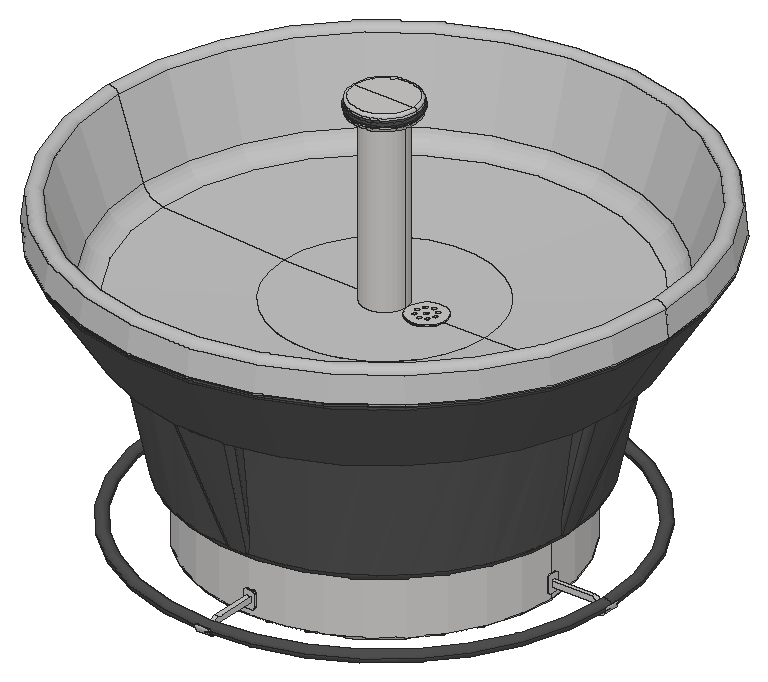
Revit family "Washfountain_Lavatory-Bradley_Corp-WF2808-Type_A_Drain", category Plumbing Fixtures, Revit 2012 (continued)
Automatic sketch dimensions
  radius of curve 137 = 1.250"
  radius of curve 138 = 0.1842"
  radius of curve 139 = 0.1842"
  radius of curve 140 = 0.1842"
  radius of curve 141 = 0.1842"
  radius of curve 142 = 0.1842"
  radius of curve 143 = 0.1842"
  radius of curve 144 = 0.1842"
  radius of curve 145 = 0.1842"
  radius of curve 146 = 0.1842"
  radius of curve 147 = 25.300"
  radius of curve 251 = 21.000"
  radius of Masking region 18 sketch curve = 6.22592"
  radius of curve 45 = 4.17907"
  radius of Masking region 19 sketch curve = 4.57537"
  radius of curve 46 = 2.10282"
  radius of Masking region 20 sketch curve = 3.12875"
  radius of curve 47 = 2.000"
  radius of Masking region 21 sketch curve = 2.000"
  radius of Extrusion 12 sketch curve = 2.000"
  radius of Extrusion 13 sketch curve = 2.000"
  radius of Sweep 16 sketch curve = 0.500"
  radius of curve 170 = 0.18079"
  radius of curve 171 = 0.18079"
  radius of curve 185 = 0.18079"
  radius of curve 186 = 0.18079"
  radius of curve 219 = 0.17708"
  radius of curve 220 = 0.17708"
  radius of curve 233 = 0.17708"
  radius of curve 234 = 0.17708"
  radius of Extrusion 25 sketch curve = 1.750"
  radius of Extrusion 26 sketch curve = 0.1842"  (x9)
  radius of curve 135 to Extrusion 26 = 0.500"
  radius of Extrusion 37 sketch curve = 0.500"
  radius of Extrusion 38 sketch curve = 0.500"
  radius of Extrusion 39 sketch curve = 0.250"
  radius of Extrusion 40 sketch curve = 0.250"
Connectors (in)
  piping at (-7.625, 2.5, 0), driven by "Hot Lavatory Inlet Radius", driven by "HWFU"
    settings: on Extrusion 35, index 1, connector radius 1/2", flow factor 0, pipe flow 0.0 GPM, pressure drop 0.0 psi, fitting loss kfactor 0, connector angle 0.00°, fixture units 0, engagement length 0.000", flow configuration 3, flow direction 1, fitting loss method 0, system type 19, joint type 0, gender type 0, connector reference index -1, connector utility 0, adjustable connector no, is connector primary yes, fitting loss table "", connector description "Hot Lavatory Inlet"
  piping at (7.625, 2.5, 0), driven by "Cold Lavatory Inlet Radius", driven by "CWFU"
    settings: on Extrusion 35, index 2, connector radius 1/2", flow factor 0, pipe flow 0.0 GPM, pressure drop 0.0 psi, fitting loss kfactor 0, connector angle 0.00°, fixture units 0, engagement length 0.000", flow configuration 3, flow direction 1, fitting loss method 0, system type 20, joint type 0, gender type 0, connector reference index -1, connector utility 0, adjustable connector no, is connector primary no, fitting loss table "", connector description "Cold Lavatory Inlet"
  piping at (4, 0, 0), driven by "Drain Radius", driven by "WFU"
    settings: on Extrusion 27, index 3, connector radius 1", flow factor 0, pipe flow 0.0 GPM, pressure drop 0.0 psi, fitting loss kfactor 0, connector angle 0.00°, fixture units 0, engagement length 0.000", flow configuration 3, flow direction 2, fitting loss method 0, system type 16, joint type 0, gender type 0, connector reference index -1, connector utility 0, adjustable connector yes, is connector primary no, fitting loss table "", connector description "Drain"
  electrical at (0, 5, 0), driven by "Voltage"
    settings: on Extrusion 27, index 4, voltage 110 V, apparent load 0 VA, apparent load phase1 0 VA, apparent load phase2 0 VA, apparent load phase3 0 VA, power factor 1, load classification "Other", number of poles 1, system type 31, power factor state 1, is connector primary yes, connector utility no, sub classification motor no, connector description ""
